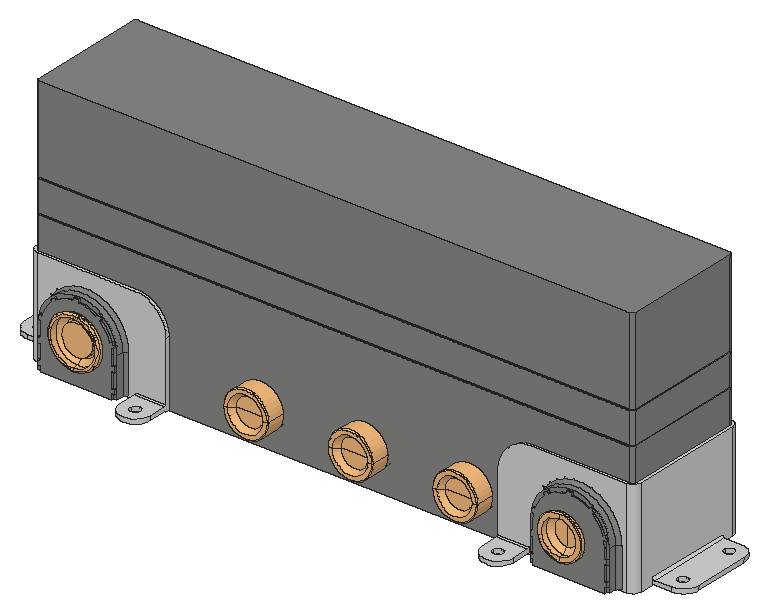
Revit family "Valve-Four_Outlet_Thermostatic-KOHLER-K-26342T_1", category Plumbing Fixtures, host Face, Revit 2017 (continued)
Definition of nested family "K-26342T"
  Lines and regions (in)
    symbolic lines, detail levels medium+fine
      curve 221: line (0, -1.85039, 0.74803) -> (0, -1.8897, 0.74803)
      curve 222: line (0, -1.85039, 0.62992) -> (0, -1.8897, 0.62992)
      curve 223: line (0, -1.85039, 0.25591) -> (0, -1.8897, 0.25591)
      curve 224: line (0, -1.85039, 0.1378) -> (0, -1.8897, 0.1378)
      curve 225: line (0, 1.92876, 1.64407) -> (0, 1.92876, 0.31459)
      curve 226: line (0, -1.8897, 0.33465) -> (0, -1.8897, 1.62388)
      curve 227: line (0, -1.94882, 0.33465) -> (0, -1.94882, 1.62388)
      curve 228: line (0, -1.79224, 0.01953) -> (0, -2.44056, 0.01953)
      curve 229: line (0, 2.44188, 0.01953) -> (0, 1.7961, 0.01953)
      curve 230: line (-7.23476, 0, 2.38189) -> (-7.23476, 0, 6.10236)
      curve 231: line (7.23528, 0, 2.38189) -> (7.23528, 0, 6.10236)
      curve 232: arc (-1.81655, 0, 1.02987) -> (-1.96647, 0, 0.87995) -> (-1.81655, 0, 0.73004) r 0.14992
      curve 233: arc (-1.81655, 0, 0.73004) -> (-1.66664, 0, 0.87995) -> (-1.81655, 0, 1.02987) r 0.14992
      curve 234: arc (0.7424, 0, 1.02987) -> (0.59248, 0, 0.87995) -> (0.7424, 0, 0.73004) r 0.14992
      curve 235: arc (0.7424, 0, 0.73004) -> (0.89232, 0, 0.87995) -> (0.7424, 0, 1.02987) r 0.14992
      curve 236: arc (3.3062, 0, 1.02987) -> (3.15628, 0, 0.87995) -> (3.3062, 0, 0.73004) r 0.14992
      curve 237: arc (3.3062, 0, 0.73004) -> (3.45611, 0, 0.87995) -> (3.3062, 0, 1.02987) r 0.14992
      curve 238: arc (-6.0332, 0, 1.13417) -> (-6.18312, 0, 0.98425) -> (-6.0332, 0, 0.83434) r 0.14992
      curve 239: arc (-6.0332, 0, 0.83434) -> (-5.88329, 0, 0.98425) -> (-6.0332, 0, 1.13417) r 0.14992
      curve 240: line (0, -1.51575, 2.38189) -> (0, 1.51575, 2.38189)
      curve 241: line (0, -0.04594, 5.70866) -> (0, -0.04594, 2.38189)
      curve 242: line (0, 1.51575, 5.70866) -> (0, -1.51575, 5.70866)
      curve 243: circle (5.84649, 0, 0.87995) r 0.13634 normal (0, -1, 0)
    reference lines
      curve 244: line (-1.81655, 1.5155, 0.87995) -> (-1.81655, 5.7655, 0.87995)
      curve 245: line (5.84649, 1.5155, 0.87995) -> (5.84649, 5.7655, 0.87995)
      curve 246: line (3.3062, 1.5155, 0.87995) -> (3.3062, 5.7655, 0.87995)
      curve 247: line (0.7424, 1.5155, 0.87995) -> (0.7424, 5.7655, 0.87995)
    symbolic lines, detail levels coarse
      curve 248: line (-1.08268, 0, 4.88116) -> (1.08268, 0, 3.70005)
      curve 249: line (1.08268, 0, 4.88116) -> (-1.08268, 0, 3.70005)
      curve 250: line (-1.08268, 0, 3.70005) -> (-1.08268, 0, 4.88116)
      curve 251: line (0, 0, 4.2906) -> (0, 0, 3.22489)
      curve 252: line (1.08268, 0, 4.88116) -> (1.08268, 0, 3.70005)
      curve 253: line (-1.09986, 0, 3.22489) -> (1.0655, 0, 3.22489)
      curve 254: arc (-1.09986, 0, 3.22489) -> (-0.01718, 0, 2.46031) -> (1.0655, 0, 3.22489) r 1.14885
  Dimensions and locks (in)
    plane 6 to plane 4 = 4.88113"
    plane 36 to level = 6.10236"  (x2)
    plane 4 to plane 6 = 4.88113"
    plane 63 to plane 64 = 15.76792"
    plane 5 to plane 7 = 3.0315"
    "Connector 1 Dis": plane 7 to plane 68 "B"
    "Connector 2 Dis": plane 7 to plane 69 "C"
    "Connector 4 Dis": plane 7 to plane 71 "E"
    "Connector 3 Dis": plane 7 to plane 70 "D"
    "Connector 4 Angle": angle plane 48 to curve 245
    "Connector 3 Angle": angle plane 49 to curve 246
    "Connector 2 Angle": angle plane 50 to curve 247
    "Connector 1 Angle": angle curve 244 to plane 47
    aligned and locked: plane 2 to level
    aligned and locked: plane 68 "B" to curve 244
    aligned and locked: plane 71 "E" to curve 245
    aligned and locked: plane 70 "D" to curve 246
    aligned and locked: plane 69 "C" to curve 247
    aligned and locked: curve 245 to Revolve 34 sketch curve
    aligned and locked: Revolve 34 sketch curve to Revolve 34 sketch curve
    aligned and locked: curve 246 to Revolve 35 sketch curve
    aligned and locked: Revolve 35 sketch curve to Revolve 35 sketch curve
    aligned and locked: curve 247 to Revolve 36 sketch curve
    aligned and locked: Revolve 36 sketch curve to Revolve 36 sketch curve
    aligned and locked: curve 244 to Revolve 37 sketch curve
    aligned and locked: Revolve 37 sketch curve to Revolve 37 sketch curve
  Automatic sketch dimensions
    curve 228 to plane 6 = 0"
    curve 191 to plane 39 = 0"
    curve 191 to plane 65 = 0"
    curve 195 to plane 9 = 0"
    curve 242 to plane 7 = 0"
    curve 240 to plane 7 = 0"
    plane 38 to curve 180 = 0"
    curve 180 to plane 36 = 0"
    curve 190 to plane 55 = 0"
    plane 67 to curve 201 = 0"
    curve 188 to plane 58 = 0"
    plane 37 to curve 241 = 0"
    curve 241 to plane 56 = 0"
    curve 186 to plane 57 = 0"
    curve 174 to plane 53 = 0"
    curve 173 to plane 36 = 0"
    curve 173 to plane 52 = 0"
    curve 242 to plane 5 = 0"
    curve 240 to plane 5 = 0"
    curve 179 to plane 8 = 0"
    curve 175 to plane 39 = 0"
    curve 175 to plane 61 = 0"
    curve 177 to level = 0"
    curve 193 to level = 0"
    level to curve 196 = 0.01969"
    curve 200 to plane 39 = 0.04131"
    curve 200 to plane 55 = 0.15925"
    curve 184 to curve 186 = 0.05906"
    level to curve 181 = 0.01969"
    curve 183 to curve 181 = 0.05729"
    curve 182 to plane 39 = 0.04045"
    level to curve 199 = 5/256"
    plane 39 to curve 224 = 0.01951"
    curve 217 to curve 226 = 0"
    curve 228 to curve 196 = 0"
    curve 180 to plane 54 = 0.00017"
    plane 39 to curve 189 = 0.00005"
    curve 189 to plane 59 = 0.02051"
    curve 181 to curve 229 = 0.00386"
    plane 4 to curve 229 = 0.00132"
    level to curve 228 = 5/256"
    level to curve 229 = 5/256"
    plane 39 to curve 213 = 0.01951"
    curve 223 to plane 67 = 0.03876"
    curve 212 to plane 67 = 0.03876"
    curve 212 to curve 225 = 0.05868"
    curve 223 to curve 227 = 0.07874"
    curve 227 to curve 226 = 0"  (x2)
    curve 222 to curve 221 = 0.11811"
    curve 211 to curve 210 = 0.11811"
    curve 209 to curve 208 = 0.0143"
    curve 220 to curve 219 = 0.0143"
    curve 219 to curve 218 = 0.11461"
    curve 208 to curve 207 = 0.11461"
    curve 218 to curve 226 = 0.35658"
    curve 226 to curve 217 = 0.01272"
    curve 207 to curve 206 = 0.36931"
    curve 206 to curve 225 = 0.00746"
    curve 225 to curve 205 = 0.03921"
    curve 217 to curve 216 = 0.04668"
    curve 216 to curve 215 = 0.07273"
    curve 205 to curve 204 = 0.07273"
    curve 204 to curve 203 = 0.10223"
    curve 215 to curve 214 = 0.10223"
    curve 214 to curve 192 = 0.05929"
    curve 203 to curve 176 = 0.05929"
    curve 176 to curve 178 = 0.03927"
    curve 192 to curve 194 = 0.03927"
    curve 178 to curve 177 = 0.1001"
    curve 194 to curve 193 = 0.1001"
    Extrusion 1 sketch curve to plane 12 = 0"
    plane 7 to Extrusion 1 sketch curve = 0"
    plane 52 to Extrusion 1 sketch curve = 0"
    Extrusion 1 sketch curve to plane 5 = 0"
    Extrusion 1 sketch curve to plane 54 = 0.00034"
    Extrusion 1 sketch curve to plane 54 = 0.00017"
    Extrusion 1 sketch curve to plane 46 = 0.01955"
    Extrusion 1 sketch curve to plane 52 = 0.00091"
    Extrusion 2 sketch curve to plane 11 = 0"
    Extrusion 2 sketch curve to plane 9 = 0"  (x2)
    Extrusion 2 sketch curve to plane 41 = 0"
    plane 8 to Extrusion 2 sketch curve = 0"  (x2)
    Extrusion 2 sketch curve to plane 46 = 0"
    Extrusion 2 sketch curve to plane 34 = 0"
    Extrusion 2 sketch curve to plane 53 = 0.00054"
    Extrusion 2 sketch curve to plane 18 = 0.67358"
    plane 24 to Extrusion 2 sketch curve = 0.02185"
    plane 46 to Extrusion 2 sketch curve = 0.00094"
    Extrusion 3 sketch curve to plane 38 = 0"  (x2)
    plane 18 to Extrusion 3 sketch curve = 0"
    Extrusion 3 sketch curve to plane 17 = 0.03718"
    Extrusion 3 sketch curve to plane 63 = 0.06898"
    Extrusion 3 sketch curve to level = 0.30561"
    Extrusion 3 sketch curve to plane 19 = 0.69257"
    plane 49 to Extrusion 3 sketch curve = 0.01689"
    Extrusion 3 sketch curve to plane 25 = 0.00005"
    Extrusion 3 sketch curve to plane 26 = 0.03879"
    Extrusion 3 sketch curve to plane 64 = 0.03215"
    Extrusion 3 sketch curve to level = 0.71748"
    Extrusion 4 sketch curve to Extrusion 4 sketch curve = 0"  (x8)
    Extrusion 4 sketch curve to plane 10 = 0"
    Extrusion 4 sketch curve to plane 59 = 0"  (x2)
    Extrusion 4 sketch curve to plane 63 = 0"  (x2)
    plane 57 to Extrusion 4 sketch curve = 0"  (x2)
    Extrusion 4 sketch curve to plane 58 = 0"  (x2)
    Extrusion 4 sketch curve to plane 11 = 0"
    plane 8 to Extrusion 4 sketch curve = 0"  (x2)
    Extrusion 4 sketch curve to plane 17 = 0"  (x2)
    plane 61 to Extrusion 4 sketch curve = 0"  (x2)
    Extrusion 4 sketch curve to plane 62 = 0"  (x2)
    Extrusion 4 sketch curve to plane 25 = 0"  (x2)
    Extrusion 4 sketch curve to plane 9 = 0"  (x2)
    Extrusion 4 sketch curve to plane 66 = 0"  (x2)
    Extrusion 4 sketch curve to plane 34 = 0"
    Extrusion 4 sketch curve to plane 64 = 0"  (x2)
    Extrusion 4 sketch curve to plane 33 = 0"
    Extrusion 4 sketch curve to plane 63 = 0.00076"
    Extrusion 4 sketch curve to plane 63 = 0.00082"
    Extrusion 4 sketch curve to plane 64 = 0.00082"
    Extrusion 4 sketch curve to plane 64 = 0.00076"
    plane 65 to Extrusion 4 sketch curve = 0.00132"  (x2)
    plane 60 to Extrusion 4 sketch curve = 0.00006"  (x2)
    Sweep 5 sketch curve to plane 13 = 0"
    plane 51 to Sweep 5 sketch curve = 0.00028"
    level to Sweep 5 sketch curve = 0.01969"  (x2)
    Sweep 5 sketch curve to profile plane = 0"  (x2)
    Sweep 5 sketch curve to plane 1 "Center (Front/Back)" = 1.85039"
    Sweep 5 sketch curve to Sweep 5 sketch curve = 0.15748"  (x2)
    Sweep 5 sketch curve to Sweep 5 sketch curve = 0.26176"
    Sweep 5 sketch curve to profile plane = 0.31023"  (x2)
    plane 1 "Center (Front/Back)" to Sweep 5 sketch curve = 1.58863"
    Sweep 5 sketch curve to Sweep 5 sketch curve = 0.10428"
    profile plane to Sweep 5 sketch curve = 0.07652"  (x2)
    plane 32 to Sweep 6 sketch curve = 0"
    Sweep 6 sketch curve to plane 48 = 0.187"
    Sweep 6 sketch curve to level = 0.01969"  (x2)
    Sweep 6 sketch curve to profile plane = 0"  (x2)
    Sweep 6 sketch curve to plane 1 "Center (Front/Back)" = 1.85039"
    Sweep 6 sketch curve to Sweep 6 sketch curve = 0.15748"  (x2)
    Sweep 6 sketch curve to Sweep 6 sketch curve = 0.10428"  (x2)
    profile plane to Sweep 6 sketch curve = 0.31023"  (x2)
    plane 1 "Center (Front/Back)" to Sweep 6 sketch curve = 1.58863"
    Sweep 6 sketch curve to profile plane = 0.10072"  (x2)
    Extrusion 7 sketch curve to Extrusion 7 sketch curve = 0"  (x88)
    plane 14 to Extrusion 7 sketch curve = 0"  (x2)
    Extrusion 7 sketch curve to level = 0"  (x2)
    Extrusion 7 sketch curve to plane 14 = 0.01535"
    Extrusion 7 sketch curve to plane 14 = 0.0439"
    plane 39 to Extrusion 7 sketch curve = 0.01951"  (x4)
    Extrusion 7 sketch curve to Extrusion 7 sketch curve = 0.05906"  (x6)
    Extrusion 7 sketch curve to Extrusion 7 sketch curve = 0.05737"  (x2)
    Extrusion 7 sketch curve to Extrusion 7 sketch curve = 0.05739"  (x2)
    Extrusion 7 sketch curve to plane 14 = 0.31395"
    Extrusion 7 sketch curve to Extrusion 7 sketch curve = 0.03647"  (x4)
    Extrusion 7 sketch curve to Extrusion 7 sketch curve = 0.09306"  (x2)
    Extrusion 7 sketch curve to Extrusion 7 sketch curve = 0.03648"  (x4)
    plane 51 to Extrusion 7 sketch curve = 0.05934"
    plane 51 to Extrusion 7 sketch curve = 0.00028"
    Extrusion 7 sketch curve to plane 51 = 0.05877"
    Extrusion 7 sketch curve to plane 16 = 0.44406"
    Extrusion 7 sketch curve to Extrusion 7 sketch curve = 0.09307"  (x2)
    Extrusion 7 sketch curve to plane 16 = 0.10187"
    Extrusion 7 sketch curve to plane 16 = 0.07329"
    Extrusion 7 sketch curve to plane 16 = 0.05963"  (x3)
    Extrusion 7 sketch curve to plane 16 = 0.04447"
    Extrusion 7 sketch curve to plane 16 = 0.01592"
    Extrusion 7 sketch curve to plane 16 = 0.00057"  (x2)
    Extrusion 7 sketch curve to plane 28 = 0.00036"  (x2)
    Extrusion 7 sketch curve to plane 28 = 0.01572"
    Extrusion 7 sketch curve to plane 28 = 0.04427"
    plane 29 to Extrusion 7 sketch curve = 0.1079"
    plane 48 to Extrusion 7 sketch curve = 0.12774"
    plane 48 to Extrusion 7 sketch curve = 0.18679"
    Extrusion 7 sketch curve to Extrusion 7 sketch curve = 0.11811"  (x5)
    Extrusion 7 sketch curve to plane 30 = 0.11797"
    Extrusion 7 sketch curve to plane 31 = 0.10151"
    Extrusion 7 sketch curve to plane 31 = 0.07293"
    Extrusion 7 sketch curve to plane 31 = 0.05926"  (x3)
    Extrusion 7 sketch curve to plane 31 = 0.04411"
    Extrusion 7 sketch curve to plane 31 = 0.01556"
    Extrusion 7 sketch curve to plane 31 = 0.00021"  (x2)
    Extrusion 7 sketch curve to plane 67 = 0.03876"  (x4)
    Extrusion 7 sketch curve to Extrusion 7 sketch curve = 0.0002"  (x2)
    Extrusion 7 sketch curve to Extrusion 7 sketch curve = 0.0143"  (x4)
    Extrusion 7 sketch curve to Extrusion 7 sketch curve = 0.01431"  (x4)
    Extrusion 7 sketch curve to Extrusion 7 sketch curve = 0.04668"  (x4)
    Extrusion 7 sketch curve to Extrusion 7 sketch curve = 0.04669"  (x4)
    Extrusion 7 sketch curve to Extrusion 7 sketch curve = 0.05929"  (x2)
    Revolve 8 sketch curve to Revolve 8 sketch curve = 0.12098"  (x4)
    Revolve 8 sketch curve to Revolve 8 sketch curve = 0.05692"  (x2)
    Revolve 8 sketch curve to Revolve 8 sketch curve = 0.03924"  (x3)
    Revolve 8 sketch curve to plane 1 "Center (Front/Back)" = 0.1745"
    Revolve 8 sketch curve to plane 59 = 0.0343"
    Revolve 9 sketch curve to Revolve 9 sketch curve = 0.11775"  (x4)
    Revolve 9 sketch curve to Revolve 9 sketch curve = 0.10695"  (x2)
    Revolve 9 sketch curve to Revolve 9 sketch curve = 0.02431"
    Revolve 9 sketch curve to plane 56 = 0.3266"
    Revolve 9 sketch curve to plane 1 "Center (Front/Back)" = 0.12747"
    Revolve 10 sketch curve to plane 23 = 0"
    plane 23 to Revolve 10 sketch curve = 0.01967"  (x2)
    Revolve 10 sketch curve to Revolve 10 sketch curve = 0.09843"  (x2)
    Revolve 10 sketch curve to Revolve 10 sketch curve = 0.09154"  (x2)
    plane 49 to Revolve 10 sketch curve = 0.00898"  (x2)
    Revolve 10 sketch curve to plane 56 = 0.17257"
    Revolve 10 sketch curve to plane 1 "Center (Front/Back)" = 0.15748"
    Revolve 11 sketch curve to plane 50 = 0.00349"  (x2)
    plane 21 to Revolve 11 sketch curve = 0.21045"  (x2)
    plane 21 to Revolve 11 sketch curve = 0.11891"  (x2)
    plane 21 to Revolve 11 sketch curve = 0.02049"  (x2)
    plane 21 to Revolve 11 sketch curve = 0.0008"
    Revolve 11 sketch curve to plane 1 "Center (Front/Back)" = 0.12937"
    Revolve 11 sketch curve to plane 56 = 0.20068"
    plane 19 to Revolve 12 sketch curve = 0.00022"
    plane 19 to Revolve 12 sketch curve = 0.0199"  (x2)
    Revolve 12 sketch curve to Revolve 12 sketch curve = 0.09843"  (x2)
    Revolve 12 sketch curve to Revolve 12 sketch curve = 0.09154"  (x2)
    plane 47 to Revolve 12 sketch curve = 0.00447"  (x2)
    Revolve 12 sketch curve to plane 56 = 0.17257"
    Revolve 12 sketch curve to plane 1 "Center (Front/Back)" = 0.15748"
    Sweep 13 sketch curve to plane 12 = 0"
    plane 7 to Sweep 13 sketch curve = 0"
    Sweep 13 sketch curve to plane 5 = 0"
    plane 52 to Sweep 13 sketch curve = 0"
    Sweep 13 sketch curve to plane 54 = 0.00034"
    Sweep 13 sketch curve to plane 46 = 0.01955"
    Sweep 13 sketch curve to plane 46 = 0.02029"
    Sweep 13 sketch curve to plane 35 = 0.00005"
    profile plane to Sweep 13 sketch curve = 0.03333"
    profile plane to Sweep 13 sketch curve = 0.03033"
    Sweep 13 sketch curve to profile plane = 0.01969"  (x2)
    level to Sweep 13 sketch curve = 3.16929"
    Sweep 13 sketch curve to Sweep 13 sketch curve = 0.03937"  (x2)
    Sweep 13 sketch curve to Sweep 13 sketch curve = 0.74803"
    plane 51 to Extrusion 14 sketch curve = 0"
    plane 48 to Extrusion 15 sketch curve = 0.00898"
    plane 51 to Extrusion 16 sketch curve = 0"
    plane 48 to Extrusion 17 sketch curve = 0.00898"
    Masking region 1 sketch curve to plane 41 = 0"  (x2)
    Masking region 1 sketch curve to plane 9 = 0"
    Masking region 1 sketch curve to plane 46 = 0"  (x2)
    Masking region 1 sketch curve to plane 34 = 0"
    Masking region 2 sketch curve to level = 0"
    Masking region 2 sketch curve to plane 10 = 0"
    Masking region 2 sketch curve to plane 11 = 0"
    Masking region 2 sketch curve to plane 36 = 0"
    plane 34 to Masking region 2 sketch curve = 0"
    plane 33 to Masking region 2 sketch curve = 0"
    Masking region 2 sketch curve to plane 38 = 0"  (x2)
    plane 67 to Masking region 2 sketch curve = 0.0025"
    Masking region 2 sketch curve to Masking region 2 sketch curve = 0.09654"
    Masking region 2 sketch curve to plane 35 = 0.00014"
    plane 67 to Masking region 2 sketch curve = 0.00104"
    Masking region 2 sketch curve to plane 34 = 0.09784"
    Masking region 3 sketch curve to plane 6 = 0"
    Masking region 3 sketch curve to plane 9 = 0"
    Masking region 3 sketch curve to plane 7 = 0"
    Masking region 3 sketch curve to level = 0"
    Masking region 3 sketch curve to plane 8 = 0"
    Masking region 3 sketch curve to plane 36 = 0"
    plane 1 "Center (Front/Back)" to Masking region 3 sketch curve = 0.00047"
    plane 4 to Masking region 3 sketch curve = 0.00134"
    Masking region 3 sketch curve to plane 39 = 0.00002"  (x2)
    Masking region 3 sketch curve to plane 67 = 0.0978"
    Masking region 3 sketch curve to plane 67 = 0.1175"
    Masking region 3 sketch curve to Masking region 3 sketch curve = 0.05906"
    Masking region 3 sketch curve to Masking region 3 sketch curve = 0.03937"  (x2)
    Masking region 3 sketch curve to Masking region 3 sketch curve = 0.03924"  (x2)
    Masking region 3 sketch curve to Masking region 3 sketch curve = 0.05943"
    Masking region 3 sketch curve to Masking region 3 sketch curve = 0.29551"
    Masking region 3 sketch curve to Masking region 3 sketch curve = 0.27532"
    Masking region 3 sketch curve to Masking region 3 sketch curve = 0.03946"  (x2)
    Extrusion 18 sketch curve to plane 39 = 0.0075"
    Extrusion 18 sketch curve to plane 11 = 0.09145"
    plane 11 to Extrusion 18 sketch curve = 0.00742"
    plane 67 to Extrusion 18 sketch curve = 0.01438"
    plane 39 to Extrusion 19 sketch curve = 0.0075"
    plane 34 to Extrusion 19 sketch curve = 0.09145"
    Extrusion 19 sketch curve to plane 34 = 0.00742"
    Extrusion 19 sketch curve to plane 67 = 0.01438"
    plane 8 to Extrusion 20 sketch curve = 0.01095"
    Extrusion 20 sketch curve to plane 39 = 0.00731"
    plane 67 to Extrusion 20 sketch curve = 0.02684"
    plane 8 to Extrusion 21 sketch curve = 0.01095"
    Extrusion 21 sketch curve to plane 39 = 0.00731"
    plane 67 to Extrusion 21 sketch curve = 0.02684"
    Extrusion 22 sketch curve to plane 9 = 0.01095"
    plane 39 to Extrusion 22 sketch curve = 0.00731"
    Extrusion 22 sketch curve to plane 67 = 0.02684"
    plane 9 to Extrusion 23 sketch curve = 0.01095"
    Extrusion 23 sketch curve to plane 39 = 0.00731"
    plane 67 to Extrusion 23 sketch curve = 0.02684"
    Extrusion 25 sketch curve to level = 0"
    plane 11 to Extrusion 25 sketch curve = 0.03593"
    plane 35 to Extrusion 25 sketch curve = 0.0312"
    plane 36 to Extrusion 25 sketch curve = 1/8"
    Extrusion 26 sketch curve to level = 0"
    plane 18 to Extrusion 26 sketch curve = 0"
    Extrusion 26 sketch curve to plane 11 = 1/8"
    Extrusion 26 sketch curve to plane 38 = 1/16"
    Extrusion 27 sketch curve to level = 0"
    Extrusion 27 sketch curve to plane 25 = 0"
    plane 34 to Extrusion 27 sketch curve = 1/8"
    plane 38 to Extrusion 27 sketch curve = 1/16"
    Extrusion 28 sketch curve to level = 0"
    plane 40 to Extrusion 28 sketch curve = 0.01978"
    plane 51 to Extrusion 28 sketch curve = 0.00028"
    Extrusion 29 sketch curve to level = 0"
    plane 45 to Extrusion 29 sketch curve = 0.02186"
    Extrusion 29 sketch curve to plane 48 = 0.187"
    plane 51 to Extrusion 30 sketch curve = 0"
    plane 47 to Extrusion 31 sketch curve = 0.00312"
    Extrusion 31 sketch curve to plane 50 = 0.00215"
    plane 49 to Extrusion 31 sketch curve = 0.00763"
    plane 48 to Extrusion 32 sketch curve = 0.00898"
    Extrusion 33 sketch curve to plane 58 = 0"  (x2)
    Extrusion 33 sketch curve to plane 11 = 0"  (x2)
    plane 8 to Extrusion 33 sketch curve = 0"  (x2)
    Extrusion 33 sketch curve to plane 17 = 0"  (x2)
    plane 61 to Extrusion 33 sketch curve = 0"  (x2)
    Extrusion 33 sketch curve to plane 62 = 0"
    Extrusion 33 sketch curve to plane 25 = 0"
    Extrusion 33 sketch curve to plane 66 = 0"  (x2)
    Extrusion 33 sketch curve to plane 34 = 0"  (x2)
    Extrusion 33 sketch curve to plane 9 = 0"  (x2)
    plane 65 to Extrusion 33 sketch curve = 0.00132"  (x2)
    curve 1 to plane 11 = 0"
    curve 2 to plane 12 = 0"
    plane 7 to curve 14 = 0"
    plane 52 to curve 3 = 0"
    curve 13 to plane 54 = 0"
    plane 8 to curve 4 = 0"
    curve 18 to plane 9 = 0"
    curve 18 to plane 17 = 0"
    plane 8 to curve 12 = 0"
    curve 12 to plane 17 = 0"
    curve 5 to plane 18 = 4.04284"
    curve 12 to plane 18 = 0"
    curve 14 to plane 18 = 11.30027"
    curve 18 to plane 18 = 0"
    curve 16 to plane 9 = 0"
    plane 8 to curve 9 = 0"
    curve 6 to plane 5 = 0"
    curve 16 to plane 26 = 0"
    curve 9 to plane 26 = 0"
    plane 8 to curve 10 = 0"
    curve 17 to plane 9 = 0"
    curve 11 to plane 34 = 0"
    curve 11 to plane 58 = 0"
    curve 1 to plane 58 = 0"
    plane 57 to curve 11 = 0"
    plane 57 to curve 1 = 0"
    curve 6 to plane 46 = 0.02029"
    curve 8 to plane 35 = 0.00005"
    plane 40 to curve 4 = 0.04169"
    curve 4 to plane 42 = 0.00057"
    curve 16 to plane 25 = 0.00005"
    curve 9 to plane 25 = 0.00005"
    curve 10 to plane 44 = 0.03616"
    curve 17 to plane 44 = 0.03616"
    curve 10 to plane 45 = 0.03664"
    curve 17 to plane 45 = 0.03664"
    curve 245 to Revolve 34 sketch curve = 0.00004"
    Revolve 34 sketch curve to Revolve 34 sketch curve = 0.33485"
    curve 245 to Revolve 34 sketch curve = 1/4"
    Revolve 34 sketch curve to Revolve 34 sketch curve = 0.06049"
    Revolve 34 sketch curve to Revolve 34 sketch curve = 0.09843"
    Revolve 35 sketch curve to Revolve 35 sketch curve = 0.42376"
    Revolve 35 sketch curve to Revolve 35 sketch curve = 0.026"
    Revolve 35 sketch curve to Revolve 35 sketch curve = 0.07232"
    curve 246 to Revolve 35 sketch curve = 0.00113"
    curve 246 to Revolve 35 sketch curve = 1/4"
    curve 247 to Revolve 36 sketch curve = 0.0011"
    Revolve 36 sketch curve to Revolve 36 sketch curve = 0.42379"
    curve 247 to Revolve 36 sketch curve = 1/4"
    Revolve 36 sketch curve to Revolve 36 sketch curve = 0.05131"
    Revolve 36 sketch curve to Revolve 36 sketch curve = 0.02811"
    curve 244 to Revolve 37 sketch curve = 0.00116"
    Revolve 37 sketch curve to Revolve 37 sketch curve = 0.42374"
    Revolve 37 sketch curve to Revolve 37 sketch curve = 1/4"
    Revolve 37 sketch curve to Revolve 37 sketch curve = 0.05131"
    Revolve 37 sketch curve to Revolve 37 sketch curve = 0.05188"
    Revolve 37 sketch curve to curve 244 = 0"
    plane 51 to Extrusion 24 sketch curve = 0"
    curve 225 to curve 211 = 0.31533"
    curve 226 to curve 222 = 0.29528"
    plane 72 to curve 179 = 0.1043"
    plane 72 to curve 195 = 0.1043"
    curve 179 to curve 209 = 0.15414"
    curve 195 to curve 220 = 0.15414"
    plane 72 to Sweep 5 sketch curve = 0.10449"
    Sweep 6 sketch curve to plane 72 = 0.10449"
    Extrusion 7 sketch curve to plane 72 = 0.25003"  (x4)
    plane 72 to Extrusion 7 sketch curve = 0.1043"  (x2)
    plane 72 to Revolve 8 sketch curve = 0.1043"  (x2)
    Revolve 8 sketch curve to Revolve 8 sketch curve = 0.4225"  (x2)
    plane 72 to Revolve 9 sketch curve = 0.00587"  (x2)
    Revolve 9 sketch curve to Revolve 9 sketch curve = 0.30218"  (x2)
    plane 72 to Extrusion 14 sketch curve = 0.1043"
    plane 72 to Extrusion 15 sketch curve = 0.00587"
    plane 72 to Extrusion 16 sketch curve = 0.1043"
    plane 72 to Extrusion 17 sketch curve = 0.00587"
    plane 72 to Masking region 3 sketch curve = 0.70469"  (x2)
    plane 72 to Extrusion 24 sketch curve = 0.1043"
    plane 72 to Extrusion 28 sketch curve = 0.10867"
    Extrusion 29 sketch curve to plane 72 = 0.10867"
    plane 72 to Extrusion 30 sketch curve = 0.1043"
    plane 72 to Extrusion 31 sketch curve = 0.00579"  (x3)
    plane 72 to Extrusion 32 sketch curve = 0.00587"
    curve 29 to curve 42 = 0"  (x2)
    curve 29 to curve 46 = 0"
    curve 29 to curve 50 = 0"
    curve 29 to curve 54 = 0"
    curve 29 to curve 58 = 0"
    curve 40 to curve 44 = 0"  (x2)
    curve 40 to curve 48 = 0"  (x2)
    curve 40 to curve 52 = 0"  (x2)
    curve 40 to curve 56 = 0"  (x2)
    curve 40 to curve 60 = 0"
    curve 42 to curve 46 = 0"
    curve 42 to curve 50 = 0"
    curve 42 to curve 54 = 0"
    curve 42 to curve 58 = 0"
    curve 52 to curve 60 = 0"
    curve 73 to curve 75 = 0"
    curve 73 to curve 76 = 0"  (x2)
    curve 73 to curve 238 = 0"
    curve 74 to curve 239 = 0"
    curve 75 to curve 239 = 0"
    curve 79 to curve 81 = 0"  (x2)
    curve 79 to curve 83 = 0"
    curve 80 to curve 81 = 0"
    curve 85 to curve 87 = 0"  (x2)
    curve 85 to curve 89 = 0"
    curve 87 to curve 89 = 0"
    curve 91 to curve 93 = 0"  (x2)
    curve 92 to curve 96 = 0"  (x2)
    curve 117 to curve 121 = 0"  (x2)
    curve 120 to curve 123 = 0"  (x2)
    curve 121 to curve 133 = 0"  (x2)
    curve 121 to curve 137 = 0"
    curve 123 to curve 135 = 0"  (x2)
    curve 125 to curve 133 = 0"  (x2)
    curve 125 to curve 137 = 0"
    curve 127 to curve 135 = 0"  (x2)
    curve 129 to curve 133 = 0"  (x2)
    curve 131 to curve 135 = 0"  (x2)
    curve 148 to curve 150 = 0"
    curve 149 to curve 151 = 0"
    curve 149 to curve 152 = 0"  (x2)
    curve 150 to curve 151 = 0"
    curve 151 to curve 152 = 0"
    curve 167 to plane 10 = 0"
    plane 12 to curve 22 = 0"
    plane 12 to curve 19 = 0"
    curve 230 to plane 36 = 0"
    curve 230 to plane 38 = 0"
    curve 20 to plane 41 = 0"
    plane 40 to curve 71 = 0"
    curve 30 to plane 13 = 0"
    plane 14 to curve 37 = 0"
    plane 14 to curve 32 = 0"
    curve 39 to plane 73 = 0"
    curve 31 to level = 0"
    plane 51 to curve 74 = 0"
    curve 69 to level = 0"
    curve 72 to plane 42 = 0"
    plane 43 to curve 163 = 0"
    curve 26 to plane 17 = 0"
    curve 161 to plane 17 = 0"
    plane 18 to curve 24 = 0"
    plane 47 to curve 232 = 0"
    curve 234 to plane 50 = 0"
    plane 49 to curve 236 = 0"
    curve 98 to plane 39 = 0"
    curve 101 to level = 0"
    plane 26 to curve 98 = 0"
    plane 26 to curve 156 = 0"
    curve 102 to plane 38 = 0"
    plane 44 to curve 104 = 0"
    curve 144 to level = 0"
    curve 137 to plane 73 = 0"
    curve 243 to plane 48 = 0"
    curve 108 to level = 0"
    curve 116 to plane 73 = 0"
    plane 32 to curve 107 = 0"
    curve 153 to plane 45 = 0"
    plane 46 to curve 155 = 0"
    curve 231 to plane 36 = 0"
    curve 19 to plane 37 = 0"
    curve 25 to plane 39 = 0"
    curve 243 to plane 72 = 0"
    curve 233 to plane 72 = 0"
    curve 237 to plane 72 = 0"
    curve 235 to plane 72 = 0"
    curve 239 to plane 73 = 0"
    curve 41 to plane 14 = 0.01535"
    curve 43 to plane 14 = 0.0439"
    curve 36 to curve 35 = 0.05906"
    curve 37 to curve 38 = 0.05906"
    plane 39 to curve 31 = 0.01951"
    curve 32 to curve 31 = 0.05906"
    curve 42 to curve 41 = 0.05737"
    curve 42 to curve 43 = 0.05739"
    curve 45 to plane 14 = 0.31395"
    curve 46 to curve 45 = 0.03647"
    curve 45 to curve 47 = 0.09306"
    curve 46 to curve 47 = 0.03648"
    plane 51 to curve 49 = 0.05934"
    plane 51 to curve 40 = 0.00028"
    curve 46 to curve 60 = 0"
    curve 51 to plane 51 = 0.05877"
    curve 53 to plane 16 = 0.44406"
    curve 53 to curve 53 = 0.03648"
    curve 52 to curve 55 = 0.09307"
    curve 55 to curve 55 = 0.03647"
    curve 57 to plane 16 = 0.10187"
    curve 59 to plane 16 = 0.07329"
    plane 39 to curve 69 = 0.01951"
    curve 69 to plane 16 = 0.05963"
    curve 65 to plane 16 = 0.05963"
    curve 62 to plane 16 = 0.05963"
    curve 57 to plane 16 = 0.04447"
    curve 59 to plane 16 = 0.01592"
    curve 63 to plane 16 = 0.00057"
    curve 66 to plane 16 = 0.00057"
    plane 42 to curve 164 = 0.00668"
    curve 22 to plane 17 = 0.03718"
    plane 47 to curve 84 = 0.00447"
    curve 88 to plane 50 = 0.00349"
    plane 49 to curve 94 = 0.00898"
    curve 101 to plane 25 = 0.00005"
    curve 102 to plane 26 = 0.03879"
    plane 67 to curve 159 = 0.00067"
    curve 157 to curve 159 = 0.05903"
    level to curve 97 = 0.01969"
    curve 97 to plane 44 = 0.02813"
    curve 105 to plane 73 = 0.0002"
    plane 27 to curve 105 = 0.00057"
    curve 139 to plane 28 = 0.00036"
    curve 145 to plane 28 = 0.00036"
    curve 136 to plane 28 = 0.01572"
    curve 134 to plane 28 = 0.04428"
    curve 140 to curve 141 = 0.05906"
    plane 39 to curve 144 = 0.01951"
    curve 142 to curve 144 = 0.05906"
    curve 138 to plane 28 = 0.05942"
    curve 136 to curve 136 = 0.05737"
    curve 134 to curve 134 = 0.05739"
    plane 29 to curve 132 = 0.1079"
    curve 132 to curve 132 = 0.03647"
    curve 131 to curve 130 = 0.09317"
    curve 130 to curve 130 = 0.03648"
    plane 48 to curve 147 = 0.00898"
    plane 48 to curve 128 = 0.12774"
    curve 137 to curve 106 = 0.00021"
    curve 123 to curve 137 = 0"
    curve 127 to curve 126 = 0.11827"
    curve 124 to plane 30 = 0.11797"
    curve 125 to curve 124 = 0.03648"
    curve 125 to curve 122 = 0.09317"
    curve 121 to curve 122 = 0.03647"
    curve 119 to plane 31 = 0.10151"
    curve 118 to plane 31 = 0.07292"
    plane 39 to curve 108 = 0.01951"
    curve 108 to plane 31 = 0.05926"
    curve 112 to plane 31 = 0.0591"
    curve 115 to plane 31 = 0.0591"
    curve 119 to plane 31 = 0.04411"
    curve 118 to plane 31 = 0.01556"
    curve 110 to plane 31 = 0.00021"
    curve 114 to plane 31 = 0.00005"
    level to curve 27 = 5/256"
    level to curve 100 = 5/256"
    level to curve 164 = 0.01969"
    plane 67 to curve 163 = 0.00051"
    curve 35 to plane 67 = 0.03876"
    curve 65 to plane 67 = 0.03876"
    curve 142 to plane 67 = 0.03876"
    curve 110 to plane 67 = 0.03876"
    curve 63 to plane 72 = 0.25003"
    curve 114 to plane 72 = 0.25003"
    curve 143 to plane 72 = 0.25003"
    curve 37 to plane 72 = 0.25003"
    curve 35 to curve 39 = 0.11811"
    curve 112 to curve 115 = 0.11811"
    curve 63 to curve 63 = 0.11811"
    curve 141 to curve 138 = 0.11811"
    plane 72 to curve 96 = 0.00579"
    plane 72 to curve 90 = 0.00579"
    plane 72 to curve 84 = 0.00579"
    plane 72 to curve 151 = 0.00587"
    curve 50 to plane 73 = 0.0002"
    curve 137 to curve 127 = 0.0002"
    curve 72 to plane 73 = 0.00318"
    curve 106 to curve 154 = 0.00407"
    curve 118 to plane 73 = 0.1541"
    curve 117 to curve 118 = 0.0143"
    curve 41 to curve 41 = 0.0143"
    curve 137 to curve 136 = 0.0143"
    curve 59 to curve 59 = 0.0143"
    curve 57 to curve 57 = 0.01431"
    curve 43 to curve 42 = 0.01431"
    curve 119 to curve 119 = 0.01431"
    curve 134 to curve 134 = 0.01431"
    curve 121 to curve 122 = 0.04668"
    curve 45 to curve 45 = 0.04668"
    curve 55 to curve 55 = 0.04668"
    curve 133 to curve 132 = 0.04668"
    curve 53 to curve 53 = 0.04669"
    curve 124 to curve 124 = 0.04669"
    curve 47 to curve 46 = 0.04669"
    curve 130 to curve 130 = 0.04669"
    curve 125 to curve 126 = 0.05929"
    curve 51 to curve 51 = 0.05929"
    curve 21 to plane 63 = 0.00008"
    curve 230 to plane 41 = 0.01976"
    curve 167 to curve 31 = 0"
    plane 19 to curve 84 = 0.00022"
    curve 79 to curve 83 = 0.01968"
    curve 80 to curve 81 = 0.09843"
    plane 21 to curve 85 = 0.0008"
    curve 85 to curve 89 = 0.01968"
    curve 86 to curve 88 = 0.09843"
    curve 91 to plane 23 = 0"
    plane 23 to curve 92 = 0.01967"
    curve 95 to curve 93 = 0.09843"
    curve 231 to plane 46 = 0.02029"
    curve 19 to plane 35 = 0.00005"
    curve 103 to plane 35 = 0.00005"
    plane 33 to curve 166 = 0.00336"
    level to curve 153 = 0.01969"
    level to curve 71 = 0.01969"
    level to curve 30 = 0.01969"
    curve 168 to plane 39 = 0.03955"
    curve 169 to plane 39 = 0.03955"
    curve 170 to plane 39 = 0.03955"
    curve 171 to plane 39 = 0.03955"
    curve 21 to plane 39 = 0.00018"
    plane 67 to curve 156 = 0.00061"
    curve 161 to curve 26 = 0.00011"
    curve 151 to plane 67 = 0.1175"
    curve 74 to plane 67 = 0.12747"
    curve 146 to curve 147 = 0.02431"
    curve 73 to curve 78 = 0.03924"
    curve 75 to curve 76 = 0.05692"
    curve 147 to curve 148 = 0.10695"
    curve 235 to plane 72 = 0.14992"
    curve 232 to plane 72 = 0.14992"
    curve 237 to curve 236 = 0.14992"
    curve 239 to plane 72 = 0.04562"
    plane 8 to Masking region 1 sketch curve = 0"
    Masking region 1 sketch curve to plane 11 = 0"
    curve 15 to plane 54 = 0.00066"
    curve 15 to plane 46 = 0.02029"
    Extrusion 3 sketch curve to plane 38 = 1"
    Extrusion 3 sketch curve to Extrusion 3 sketch curve = 1"
    plane 37 to curve 250 = 0.82751"
    plane 33 to curve 250 = 9.34057"
    curve 249 to curve 250 = 1.1811"
    plane 37 to curve 249 = 0.82751"
    curve 248 to curve 249 = 2.16535"
    curve 248 to plane 38 = 1.31816"
    curve 248 to curve 251 = 1.08268"
    curve 251 to plane 38 = 0.843"
    curve 253 to curve 249 = 0.01718"
    curve 253 to curve 248 = 0.01718"
    curve 251 to curve 254 = 0.38428"
    Extrusion 33 sketch curve to Extrusion 33 sketch curve = 0"  (x8)
    Extrusion 33 sketch curve to plane 62 = 0.12509"
    Extrusion 33 sketch curve to plane 63 = 0"  (x2)
    plane 60 to Extrusion 33 sketch curve = 0.00006"  (x2)
    Extrusion 33 sketch curve to Extrusion 33 sketch curve = 0.12529"  (x2)
    Extrusion 33 sketch curve to plane 59 = 0"  (x2)
    Extrusion 33 sketch curve to plane 62 = 0.12354"
    Extrusion 33 sketch curve to Extrusion 33 sketch curve = 0.12354"
    Extrusion 33 sketch curve to Extrusion 33 sketch curve = 0.12509"
    Extrusion 33 sketch curve to plane 64 = 0"  (x2)
    Extrusion 33 sketch curve to plane 64 = 0.12529"  (x2)
    plane 57 to Extrusion 33 sketch curve = 0"  (x2)
    Extrusion 33 sketch curve to plane 33 = 0"
    Extrusion 33 sketch curve to plane 10 = 0"
    curve 192 to plane 39 = 0.04045"
    plane 65 to curve 192 = 0.21747"
    curve 227 to curve 217 = 0.09843"
    curve 216 to curve 216 = 0.03931"
    curve 218 to curve 218 = 0.03931"
    curve 215 to curve 215 = 0.03931"
    curve 214 to curve 214 = 0.03931"
    curve 224 to curve 224 = 0.03931"
    curve 223 to curve 223 = 0.03931"
    curve 194 to plane 9 = 0.09843"
    Revolve 8 sketch curve to plane 9 = 0.13493"
    plane 65 to Revolve 8 sketch curve = 0.11891"
    Revolve 9 sketch curve to plane 9 = 0.13493"
    plane 65 to Revolve 9 sketch curve = 0.11904"
    Revolve 9 sketch curve to Revolve 9 sketch curve = 0.01969"  (x2)
    plane 65 to Revolve 10 sketch curve = 0.23009"
    plane 65 to Revolve 10 sketch curve = 0.12747"
    plane 65 to Revolve 10 sketch curve = 0.09936"
    plane 65 to Revolve 11 sketch curve = 0.23009"
    plane 65 to Revolve 11 sketch curve = 0.12747"
    plane 65 to Revolve 11 sketch curve = 0.09936"
    plane 65 to Revolve 12 sketch curve = 0.23009"
    plane 65 to Revolve 12 sketch curve = 0.12747"
    plane 65 to Revolve 12 sketch curve = 0.09936"
    plane 65 to Masking region 3 sketch curve = 0.07967"
    Masking region 3 sketch curve to Masking region 3 sketch curve = 0.05925"
    Masking region 3 sketch curve to Masking region 3 sketch curve = 0.05912"
    Masking region 3 sketch curve to Masking region 3 sketch curve = 0.03931"
    Masking region 3 sketch curve to Masking region 3 sketch curve = 0.09784"
    plane 9 to Extrusion 22 sketch curve = 0.05998"
    Extrusion 23 sketch curve to plane 9 = 0.05998"
    curve 182 to plane 8 = 0.19775"
    curve 178 to plane 8 = 0.09843"
    plane 61 to curve 179 = 0.1391"
    curve 213 to curve 213 = 0.07874"
    curve 204 to curve 204 = 0.07874"
    curve 203 to curve 203 = 0.07874"
    curve 225 to curve 212 = 0.00037"
    curve 225 to curve 205 = 0.00037"
    Revolve 8 sketch curve to plane 8 = 0.13493"
    plane 61 to Revolve 8 sketch curve = 0.11891"
    Revolve 9 sketch curve to plane 8 = 0.13493"
    plane 61 to Revolve 9 sketch curve = 0.11904"
    plane 61 to Revolve 10 sketch curve = 0.23009"
    plane 61 to Revolve 10 sketch curve = 0.12747"
    Revolve 10 sketch curve to Revolve 10 sketch curve = 0.02811"
    plane 61 to Revolve 11 sketch curve = 0.23008"
    plane 61 to Revolve 11 sketch curve = 0.12747"
    Revolve 11 sketch curve to Revolve 11 sketch curve = 0.02811"
    plane 61 to Revolve 12 sketch curve = 0.23009"
    plane 61 to Revolve 12 sketch curve = 0.12747"
    Revolve 12 sketch curve to Revolve 12 sketch curve = 0.02811"
    Masking region 3 sketch curve to plane 8 = 0.09784"
    Masking region 3 sketch curve to Masking region 3 sketch curve = 0.15807"
    plane 61 to Masking region 3 sketch curve = 0.1391"
    plane 61 to Masking region 3 sketch curve = 0.13874"
    plane 61 to Masking region 3 sketch curve = 0.07967"
    Extrusion 20 sketch curve to plane 8 = 0.05998"
    Extrusion 21 sketch curve to plane 8 = 0.05998"
    plane 12 to Masking region 2 sketch curve = 0"
    Masking region 3 sketch curve to plane 5 = 0"
    plane 38 to Masking region 3 sketch curve = 0"  (x2)
    curve 244 to plane 47 = 0"
    curve 247 to plane 50 = 0"
    curve 246 to plane 49 = 0"
    curve 245 to plane 48 = 0"
    radius of Extrusion 4 sketch curve = 0.12529"  (x4)
    radius of Extrusion 4 sketch curve = 0.12354"  (x2)
    radius of Extrusion 4 sketch curve = 0.12509"  (x2)
    radius of Extrusion 14 sketch curve = 0.60039"
    radius of Extrusion 15 sketch curve = 0.44719"
    radius of Extrusion 16 sketch curve = 0.60039"
    radius of Extrusion 17 sketch curve = 1/2"
    radius of Extrusion 30 sketch curve = 0.69038"
    radius of Extrusion 31 sketch curve = 0.58377"  (x3)
    radius of Extrusion 32 sketch curve = 0.56629"
    radius of Extrusion 24 sketch curve = 3/8"
    radius of curve 152 = 0.35767"
    radius of curve 243 = 0.13634"
